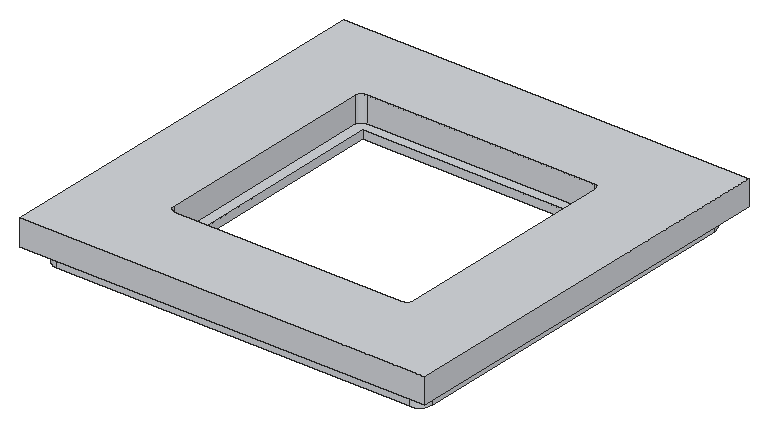
Revit family "Gira_0211127", category Electrical Fixtures, host Face, Revit 2017
Family settings
  Host = Face
  Maintain Annotation Orientation = No
  Round Connector Dimension = Use Diameter
  Part Type = Normal
  Cut with Voids When Loaded = No
  Shared = No
  Room Calculation Point = No
Parameters (values of type "Cov.fr. 1-g Gira Esprit alum.brown")
  With mounting grid = "No"
  With hinged lid = "No"
  URL = "http://katalog.gira.de/en/datenblatt.html?artikelnr=0211127"
  Type of fastening = "Other"
  Transparent = "No"
  Surface protection = "Other"
  Suitable for wall duct = "No"
  Suitable for flush-mounted installation = "Yes"
  Suitable for floor box = "No"
  Suitable for built-in installation = "No"
  Number of units vertical = "1"
  Number of units horizontal = "1"
  Number of units = "1"
  Name = "Cov.fr. 1-g Gira Esprit alum.brown"
  Mounting direction = "Horizontal and vertical"
  Material quality = "Aluminium"
  Material = "Metal"
  Manufacturer URL = "https://www.gira.de/"
  Manufacturer = "Gira"
  Label space/information surface = "No"
  Keynote = ""
  HeinzeBIM = "https://bimportal.heinze.de/bim/cov-fr-1-g-gira-esprit-alum-brown/bc1ea4acadf5b9a0488b6233bd0f20df3ac08285"
  Halogen free = "Yes"
  HAN = "0211127"
  GTIN = "4010337109075"
  Description = "Cov.fr.1g Espr. AlBn,Gira Esprit cover frame,aluminium brown,1-gang,Features:,- Anodised aluminium E 1. Colour deviations are possible."
  Degree of protection (IP) = "IP20"
  Default Elevation = 1219.2 mm
  Data sheet (1) = "https://katalog.gira.de/en/download.html?artikelnr=0211127"
  Colour = "Brown"
  Category = "Cover frame for domestic switching devices"
  BIM (1) = "https://media.stage.bim.site/public/gira/36a6b08/Espr._Rahmen_1fach.rfa"
  Available = "No"
Reference planes
  plane 1 "Center (Front/Back)": y = 0
  plane 2: z = 0
  plane 3 "Center (Left/Right)": x = 0
Forms (mm)
  Extrusion 1, solid, detail levels fine
    sketch origin (0, 0, 0) x (1, 0, 0) y (0, 1, 0)
      loop
        line (-47.5, 47.5) -> (-47.5, -47.5) -> (47.5, -47.5) -> (47.5, 47.5) -> (-47.5, 47.5)
      loop
        arc (-28.2, -26.7) -> (-27.761, -27.761) -> (-26.7, -28.2) r 1.5
        line (-26.7, -28.2) -> (26.7, -28.2)
        arc (26.7, -28.2) -> (27.761, -27.761) -> (28.2, -26.7) r 1.5
        line (28.2, -26.7) -> (28.2, 26.7)
        arc (28.2, 26.7) -> (27.761, 27.761) -> (26.7, 28.2) r 1.5
        line (26.7, 28.2) -> (-26.7, 28.2)
        arc (-26.7, 28.2) -> (-27.761, 27.761) -> (-28.2, 26.7) r 1.5
        line (-28.2, 26.7) -> (-28.2, -26.7)
    from 0 to 6
  Extrusion 2, solid, detail levels fine
    sketch origin (0, 0, 0) x (1, 0, 0) y (0, 1, 0)
      loop
        line (-25.7, -25.7) -> (25.7, -25.7) -> (25.7, 25.7) -> (-25.7, 25.7) -> (-25.7, -25.7)
      loop
        arc (-43.1, -41.3) -> (-42.573, -42.573) -> (-41.3, -43.1) r 1.8
        line (-41.3, -43.1) -> (41.3, -43.1)
        arc (41.3, -43.1) -> (42.573, -42.573) -> (43.1, -41.3) r 1.8
        line (43.1, -41.3) -> (43.1, 41.3)
        arc (43.1, 41.3) -> (42.573, 42.573) -> (41.3, 43.1) r 1.8
        line (41.3, 43.1) -> (-41.3, 43.1)
        arc (-41.3, 43.1) -> (-42.573, 42.573) -> (-43.1, 41.3) r 1.8
        line (-43.1, 41.3) -> (-43.1, -41.3)
    from -1.9 to 0
  Extrusion 3, solid, detail levels fine
    sketch origin (0, 0, 0) x (1, 0, 0) y (0, 1, 0)
      loop
        arc (-41.4, 44.4) -> (-43.521, 43.521) -> (-44.4, 41.4) r 3
        line (-44.4, 41.4) -> (-44.4, -41.4)
        arc (-44.4, -41.4) -> (-43.521, -43.521) -> (-41.4, -44.4) r 3
        line (-41.4, -44.4) -> (41.4, -44.4)
        arc (41.4, -44.4) -> (43.521, -43.521) -> (44.4, -41.4) r 3
        line (44.4, -41.4) -> (44.4, 41.4)
        arc (44.4, 41.4) -> (43.521, 43.521) -> (41.4, 44.4) r 3
        line (41.4, 44.4) -> (-41.4, 44.4)
      loop
        line (-43.1, 41.3) -> (-43.1, -41.3)
        arc (-43.1, -41.3) -> (-42.573, -42.573) -> (-41.3, -43.1) r 1.8
        line (-41.3, -43.1) -> (41.3, -43.1)
        arc (41.3, -43.1) -> (42.573, -42.573) -> (43.1, -41.3) r 1.8
        line (43.1, -41.3) -> (43.1, 41.3)
        arc (43.1, 41.3) -> (42.573, 42.573) -> (41.3, 43.1) r 1.8
        line (41.3, 43.1) -> (-41.3, 43.1)
        arc (-41.3, 43.1) -> (-42.573, 42.573) -> (-43.1, 41.3) r 1.8
    from -3.7 to 0
  Extrusion 4, solid, detail levels medium
    sketch origin (0, 0, 0) x (1, 0, 0) y (0, 1, 0)
      loop
        line (-47.5, 47.5) -> (-47.5, -47.5) -> (47.5, -47.5) -> (47.5, 47.5) -> (-47.5, 47.5)
    from 0 to 6
  Extrusion 5, solid, detail levels medium
    sketch origin (0, 0, 0) x (1, 0, 0) y (0, 1, 0)
      loop
        line (-44.4, 44.4) -> (-44.4, -44.4) -> (44.4, -44.4) -> (44.4, 44.4) -> (-44.4, 44.4)
    from -3.7 to 0
  Extrusion 6, solid, detail levels coarse
    sketch origin (0, 0, 0) x (1, 0, 0) y (0, 1, 0)
      loop
        line (-47.5, 47.5) -> (-47.5, -47.5) -> (47.5, -47.5) -> (47.5, 47.5) -> (-47.5, 47.5)
    from -3.7 to 6
Dimensions and locks
  aligned and locked: plane 2 to host face
  aligned and locked: level to host face
